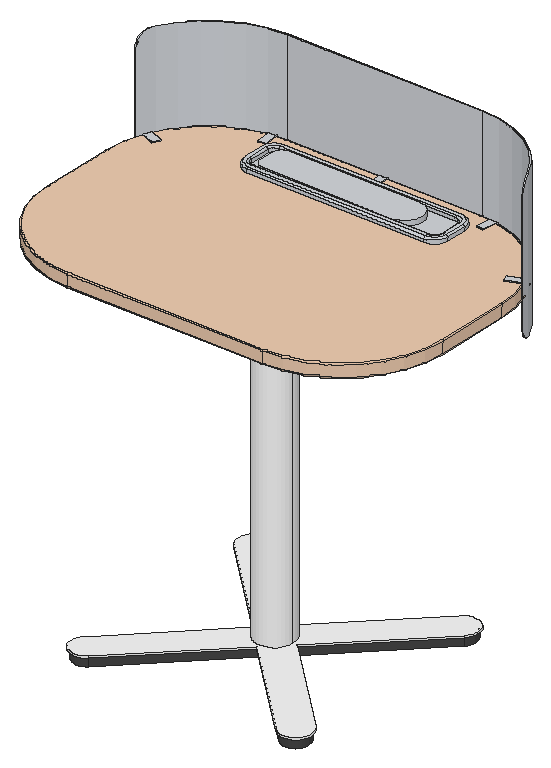
Revit family "DBLTD_TheSenatorGroup_OfficeTables_X&Y_US", category Furniture, Revit 2021
Family settings
  OmniClass Number = 23.40.20.00
  OmniClass Title = General Furniture and Specialties
  Work Plane-Based = No
  Always vertical = Yes
  Cut with Voids When Loaded = No
  Shared = Yes
  Room Calculation Point = No
Parameters (values of type "Soft Rectangle with Battery Docking Station")
  WorktopMaterial = DBLTD_TheSenatorGroup_Wood_Oak
  WorksurfaceArea = NominalWidth * NominalDepth  # 0.390161 m²
  WithScreen (04 & 04A only) [instance] = yes
  WarrantyStartDate [instance] = " "
  WarrantyGuarantorParts = "https://www.thesenatorgroup.com/"
  WarrantyGuarantorLabor = "https://www.thesenatorgroup.com/"
  WarrantyDurationUnit = "years"
  WarrantyDurationParts = "5"
  WarrantyDurationLabor = "5"
  WarrantyDescription = "The Senator Group warrants that its manufactured products are free from manufacturing defects - in materials or workmanship - for a period of five (5) years.\r\nAllermuir will repair, or replace (at Allermuir’s sole discretion) with comparable free of charge materials/ components, any product/ component which fails under normal use in a single shift environment, as a result of a defect in the materials and/or workmanship.\r\n\r\nExceptions -\r\nNon-standard product - 2 years\r\nScreen-mounted Accessories/ Dry-wipe Boards - 2 years\r\nElectrical and/or electronic componentry - 2 years\r\n\r\nExclusions - Allermuir does not warrant:\r\nFailure due to normal “Wear and Tear”.\r\nNatural variations in appearance of wood - its grain, figure and colour.\r\nChanges in surface appearance resulting from exposure to light, and the natural ageing process of wood.\r\nChanges in surface appearance resulting from the misuse of cleaning materials and methods/ damage form sharp objects/ imprinting from writing implements.\r\nNatural variations in Leather - its marks, scars and wrinkles.\r\nProduct stored/ exposed to extreme operational conditions.\r\nConsumable components such as Fuses/ Lights/ lamps/ transformers/etc.\r\nOther Manufacturer’s product supplied by Allermuir (their own warranty shall apply where possible).\r\nNon-standard fabrics/ finishes or veneers used. Allermuir only checks the manufacturing quality of Customer’s\r\nOwn Material (COM) and provides no warranty for the finish/ fabric itself.\r\nProduct which has not been installed/ moved/ reconfigured by Allermuir approved personnel.\r\nAllermuir shall be under no liability whatsoever for any consequential damage, loss or other expenses whether arising out of contract, negligence or otherwise."
  Version = "1"
  Uniclass2015Version = "Products v1.15"
  Uniclass2015Title = "Office tables"
  Uniclass2015Code = "Pr_40_50_21_60"
  URL = "https://www.thesenatorgroup.com/"
  Type Comments = ModelReference  # "Soft Rectangle with Battery Docking Station"
  TagNumber [instance] = " "
  TableType = Nested_DBLTD_TheSenatorGroup_OfficeTables_X&Y_04A : Nested_DBLTD_TheSenatorGroup_OfficeTables_X&Y_04A
  SustainabilityPerformance = "n/a"
  Size = "27 - 46.75 x 29.50 x 20.50 \""
  Shape = "Rectangular"
  SerialNumber [instance] = " "
  ScreenMaterial [instance] = DBLTD_TheSenatorGroup_Plastic_White
  Revision = ""
  ReplacementCost = "n/a"
  ProductInformation = "https://www.senator.online/en-us/Ranges/x-y"
  NumberOfChairs = 0
  NominalWidth = 29.5"
  NominalHeight [instance] = 27"
  NominalDepth = 20.5"
  Name = "Table"
  ModelReference = "Soft Rectangle with Battery Docking Station"
  ModelNumber = "XY04A"
  Model = ModelNumber  # "XY04A"
  Material = "Frame: Easy lift frame finished in black or white powder coat. Top: 25mm MFC top with matching edge tape"
  ManufacturerURL = "https://www.thesenatorgroup.com/"
  ManufacturerName = "The Senator Group"
  Keynote = Category  # "Pr_40_50_21_60 Office tables"
  InstallationDate [instance] = " "
  Grade = "n/a"
  FrameMaterial [instance] = DBLTD_TheSenatorGroup_Metal_White
  Finish = "Frame; Black, White. Top; Variable"
  Features = "OH: 27 - 46.75 \", Docking cradle for battery"
  ExpectedLife = "5"
  DurationUnit = "years"
  Cost = 0
  Constituents = "Frame, Top"
  Color = "Frame; Black, White. Top; Variable"
  CodePerformance = "n/a"
  Category = "Pr_40_50_21_60 Office tables"
  Manufacturer = ManufacturerName  # "The Senator Group"
  Description = ModelReference  # "Soft Rectangle with Battery Docking Station"
  Default Elevation = 0"
  CableTrayMaterial [instance] = DBLTD_TheSenatorGroup_Plastic_Black
  BarCode [instance] = " "
  Author = "Diane Butterworth Ltd"
  AssetType = "Movable"
  AssetIdentifier [instance] = " "
  Assembly Code = "E2020200"
  AccessibilityPerformance = "n/a"
Types (5): name | WorksurfaceArea | WithScreen (04 & 04A only) | Type Comments | TableType | Size | NominalWidth | NominalHeight | NominalDepth | ModelReference | ModelNumber | Model | Features | Description
  Small Soft Rectangle | 0.193548 m² | no | "Small Soft Rectangle" | Nested_DBLTD_TheSenatorGroup_OfficeTables_X&Y_01 : Nested_DBLTD_TheSenatorGroup_OfficeTables_X&Y_01 | "21 - 31 x 15 x 20 \"" | 15" | 21" | 20" | "Small Soft Rectangle" | "XY01" | "XY01" | "OH: 21 - 31 \"" | "Small Soft Rectangle"
  Small Soft Square | 0.251653 m² | no | "Small Soft Square" | Nested_DBLTD_TheSenatorGroup_OfficeTables_X&Y_02 : Nested_DBLTD_TheSenatorGroup_OfficeTables_X&Y_02 | "21.5 - 31.25 x 19.75 x 19.75 \"" | 19.75" | 21.5" | 19.75" | "Small Soft Square" | "XY02" | "XY02" | "OH: 21.5 - 31.25 \"" | "Small Soft Square"
  Large Soft Rectangle | 0.602055 m² | no | "Large Soft Rectangle" | Nested_DBLTD_TheSenatorGroup_OfficeTables_X&Y_03 : Nested_DBLTD_TheSenatorGroup_OfficeTables_X&Y_03 | "27 - 46.75 x 47.25 x 19.75 \"" | 47.25" | 27" | 19.75" | "Large Soft Rectangle" | "XY03" | "XY03" | "OH: 27 - 46.75 \"" | "Large Soft Rectangle"
  Soft Rectangle | 0.390161 m² | yes | "Soft Rectangle" | Nested_DBLTD_TheSenatorGroup_OfficeTables_X&Y_04 : Nested_DBLTD_TheSenatorGroup_OfficeTables_X&Y_04 | "27 - 46.75 x 29.50 x 20.50 \"" | 29.5" | 27" | 20.5" | "Soft Rectangle" | "XY04" | "XY04" | "OH: 27 - 46.75 \"" | "Soft Rectangle"
  Soft Rectangle with Battery Docking Station | 0.390161 m² | yes | "Soft Rectangle with Battery Docking Station" | Nested_DBLTD_TheSenatorGroup_OfficeTables_X&Y_04A : Nested_DBLTD_TheSenatorGroup_OfficeTables_X&Y_04A | "27 - 46.75 x 29.50 x 20.50 \"" | 29.5" | 27" | 20.5" | "Soft Rectangle with Battery Docking Station" | "XY04A" | "XY04A" | "OH: 27 - 46.75 \", Docking cradle for battery" | "Soft Rectangle with Battery Docking Station"
Reference planes (in)
  plane 1 "Center (Front/Back)": y = 0
  plane 2: z = 0
  plane 3 "Center (Left/Right)": x = 0
  plane 4: z = 27
  plane 5: z = 26.01575
Dimensions and locks (in)
  "NominalHeight": plane 4 to level
  plane 4 to plane 5 = 0.98425"
  aligned and locked: level to plane 2
Nested families (in)
  nested 1: "Nested_DBLTD_TheSenatorGroup_OfficeTables_X&Y_04A" at (0, 0, 0), type <- "TableType", OveralHeight <- "NominalHeight", FrameMaterial <- "FrameMaterial", WorktopMaterial <- "WorktopMaterial", type "Nested_DBLTD_TheSenatorGroup_OfficeTables_X&Y_04A"
    with WorktopMaterial DBLTD_TheSenatorGroup_Wood_Oak, WithScreen yes, ScreenMaterial none, OveralHeight 27", FrameMaterial DBLTD_TheSenatorGroup_Metal_White, CableTrayMaterial none
Definition of nested family "Nested_DBLTD_TheSenatorGroup_OfficeTables_X&Y_04A"
  Parameters (values of type "Nested_DBLTD_TheSenatorGroup_OfficeTables_X&Y_04A")
    WorktopMaterial [instance] = none
    WithScreen [instance] = yes
    ScreenMaterial [instance] = none
    OveralHeight [instance] = 26.9685"
    FrameMaterial [instance] = none
    Default Elevation = 0"
    CableTrayMaterial [instance] = none
  Reference planes (in)
    plane 1 "Center (Front/Back)": y = 0
    plane 2: z = 0
    plane 3 "Center (Left/Right)": x = 0
    plane 4: z = 26.9685
    plane 5: z = 25.98224
    plane 6: z = 25.98224
    plane 7: z = 25.29527
    plane 8: x = -14.75402
    plane 9: x = 14.77354
    plane 10: y = -10.23622
    plane 11: y = 10.23622
    plane 12: z = 33.95884
    plane 13: z = 23.13016
  Forms (in)
    Extrusion 1, solid, material <- "WorktopMaterial"
      sketch origin (0, 0, 0) x (1, 0, 0) y (0, 1, 0)
        loop
          arc (-7.27371, 10.23622) -> (-12.56309, 8.04529) -> (-14.75402, 2.75591) r 7.48031
          line (-14.75402, 2.75591) -> (-14.75402, -2.7559)
          arc (-14.75402, -2.7559) -> (-12.56309, -8.04529) -> (-7.27371, -10.23622) r 7.48031
          line (-7.27371, -10.23622) -> (7.29322, -10.23622)
          arc (7.29322, -10.23622) -> (12.58261, -8.04529) -> (14.77354, -2.7559) r 7.48031
          line (14.77354, -2.7559) -> (14.77354, 2.75591)
          arc (14.77354, 2.75591) -> (12.58261, 8.04529) -> (7.29322, 10.23622) r 7.48031
          line (7.29322, 10.23622) -> (-7.27371, 10.23622)
      from 25.98224 to 26.9685
    Sweep 2, void
      path in 3D
        loop
          arc (-14.75402, -2.7559, 26.9685) -> (-12.56309, -8.04529, 26.9685) -> (-7.27371, -10.23622, 26.9685) r 7.48031
          line (-7.27371, -10.23622, 26.9685) -> (7.29322, -10.23622, 26.9685)
          arc (7.29322, -10.23622, 26.9685) -> (12.58261, -8.04529, 26.9685) -> (14.77354, -2.7559, 26.9685) r 7.48031
          line (14.77354, -2.7559, 26.9685) -> (14.77354, 2.75591, 26.9685)
          arc (14.77354, 2.75591, 26.9685) -> (12.58261, 8.04529, 26.9685) -> (7.29322, 10.23622, 26.9685) r 7.48031
          line (7.29322, 10.23622, 26.9685) -> (-7.27371, 10.23622, 26.9685)
          arc (-7.27371, 10.23622, 26.9685) -> (-12.56309, 8.04529, 26.9685) -> (-14.75402, 2.75591, 26.9685) r 7.48031
          line (-14.75402, 2.75591, 26.9685) -> (-14.75402, -2.7559, 26.9685)
      profile origin (-14.75402, 0, 26.9685) x (1, 0, 0) y (0, 0, 1)
        loop
          line (0, 0) -> (0, -0.07931)
          arc (0, -0.07931) -> (0.02323, -0.02323) -> (0.07931, 0) r 0.07931
          line (0.07931, 0) -> (0, 0)
        loop
          line (0, -0.98626) -> (0.07931, -0.98626)
          arc (0.07931, -0.98626) -> (0.02323, -0.96304) -> (0, -0.90696) r 0.07931
          line (0, -0.90696) -> (0, -0.98626)
    Extrusion 3, solid, material <- "FrameMaterial"
      sketch origin (0, 0, 0) x (1, 0, 0) y (0, 1, 0)
        loop
          circle (0, 0) r 1.37795
      from 0.80709 to 25.29527
    Extrusion 4, solid, material <- "FrameMaterial"
      sketch origin (0, 0, 0) x (0.707107, 0.707107, 0) y (-0.707107, 0.707107, 0)
        loop
          line (-1.1811, 11.01405) -> (-1.1811, 1.1811) -> (-11.01578, 1.1811)
          arc (-11.01578, 1.1811) -> (-12.19688, 0) -> (-11.01578, -1.1811) r 1.1811
          line (-11.01578, -1.1811) -> (-1.1811, -1.1811) -> (-1.1811, -11.01578)
          arc (-1.1811, -11.01578) -> (0, -12.19688) -> (1.1811, -11.01578) r 1.1811
          line (1.1811, -11.01578) -> (1.1811, -1.1811) -> (11.01578, -1.1811)
          arc (11.01578, -1.1811) -> (12.19688, 0) -> (11.01578, 1.1811) r 1.1811
          line (11.01578, 1.1811) -> (1.1811, 1.1811) -> (1.1811, 11.01405)
          arc (1.1811, 11.01405) -> (0, 12.19515) -> (-1.1811, 11.01405) r 1.1811
      from 0.80709 to 0.68898
    Extrusion 5, solid
      sketch origin (0, 0, 0) x (0.707107, 0.707107, 0) y (-0.707107, 0.707107, 0)
        loop
          line (-0.98425, 11.01405) -> (-0.98425, 0.98425) -> (-11.01578, 0.98425)
          arc (-11.01578, 0.98425) -> (-12.00003, 0) -> (-11.01578, -0.98425) r 0.98425
          line (-11.01578, -0.98425) -> (-0.98425, -0.98425) -> (-0.98425, -11.01578)
          arc (-0.98425, -11.01578) -> (0, -12.00003) -> (0.98425, -11.01578) r 0.98425
          line (0.98425, -11.01578) -> (0.98425, -0.98425) -> (11.01578, -0.98425)
          arc (11.01578, -0.98425) -> (12.00003, 0) -> (11.01578, 0.98425) r 0.98425
          line (11.01578, 0.98425) -> (0.98425, 0.98425) -> (0.98425, 11.01405)
          arc (0.98425, 11.01405) -> (0, 11.9983) -> (-0.98425, 11.01405) r 0.98425
      from 0 to 0.68898
    Extrusion 6, solid, material <- "FrameMaterial"
      sketch origin (0, 0, 0) x (1, 0, 0) y (0, 1, 0)
        loop
          line (-3.74016, 3.74016) -> (-3.74016, -3.74016) -> (3.74016, -3.74016) -> (3.74016, 3.74016) -> (-3.74016, 3.74016)
      from 25.78539 to 25.98224
    Extrusion 7, solid, material <- "FrameMaterial"
      sketch origin (0, 0, 0) x (1, 0, 0) y (0, 1, 0)
        loop
          circle (0, 0) r 1.1811
      from 25.78539 to 25.29527
    Extrusion 8, solid
      sketch origin (0, 0, -3.09256) x (1, 0, 0) y (0, 0, 1)
        loop
          line (9.84252, 29.0748) -> (9.84252, 28.18806) -> (10.70964, 28.18806) -> (10.97482, 28.03496) -> (11.90865, 28.51077) -> (13.10287, 27.92831) -> (13.1752, 28.07661) -> (11.1286, 29.0748) -> (9.84252, 29.0748)
      from -1.1811 to 1.1811
    Extrusion 9, solid, not visible
      sketch origin (0, 0, 0) x (1, 0, 0) y (0, 0, 1)
        loop
          line (9.84252, 29.0748) -> (9.84252, 28.18806) -> (10.70964, 28.18806) -> (10.97482, 28.03496) -> (11.90865, 28.51077) -> (13.10287, 27.92831) -> (13.1752, 28.07661) -> (11.1286, 29.0748) -> (9.84252, 29.0748)
      from -1.1811 to 1.1811
    Extrusion 10, solid, material <- "CableTrayMaterial"
      sketch origin (0, 0, 0) x (1, 0, 0) y (0, 1, 0)
        loop
          arc (-5.78679, 8.7063) -> (-6.34357, 8.47568) -> (-6.57419, 7.9189) r 0.7874
          line (-6.57419, 7.9189) -> (-6.57419, 6.97402)
          arc (-6.57419, 6.97402) -> (-6.34357, 6.41724) -> (-5.78679, 6.18661) r 0.7874
          line (-5.78679, 6.18661) -> (3.78657, 6.18661)
          arc (3.78657, 6.18661) -> (5.04641, 7.44646) -> (3.78657, 8.7063) r 1.25984
          line (3.78657, 8.7063) -> (-5.78679, 8.7063)
      from 23.16953 to 27.33152
    Sweep 11, solid, material <- "CableTrayMaterial"
      path origin (0, 0, 0) x (1, 0, 0) y (0, 1, 0)
        loop
          line (-6.61417, 5.67482) -> (6.61417, 5.67482)
          arc (6.61417, 5.67482) -> (7.31014, 5.9631) -> (7.59843, 6.65907) r 0.98425
          line (7.59843, 6.65907) -> (7.59843, 8.23387)
          arc (7.59843, 8.23387) -> (7.31014, 8.92985) -> (6.61417, 9.21813) r 0.98425
          line (6.61417, 9.21813) -> (-6.61417, 9.21813)
          arc (-6.61417, 9.21813) -> (-7.31014, 8.92985) -> (-7.59843, 8.23387) r 0.98425
          line (-7.59843, 8.23387) -> (-7.59843, 6.65907)
          arc (-7.59843, 6.65907) -> (-7.31014, 5.9631) -> (-6.61417, 5.67482) r 0.98425
      profile origin (0, 5.67482, 0) x (0, 1, 0) y (0, 0, 1)
        loop
          line (0.48563, 26.9685) -> (0.48563, 27.2147)
          arc (0.48563, 27.2147) -> (0.45396, 27.29116) -> (0.37749, 27.32283) r 0.10814
          line (0.37749, 27.32283) -> (0.11787, 27.32283) -> (0, 27.20497) -> (0, 26.9685) -> (0.48563, 26.9685)
    Sweep 12, solid, material <- "CableTrayMaterial", not visible
      path origin (0, 0, -16.59248) x (1, 0, 0) y (0, 1, 0)
        loop
          line (-6.61417, 5.67482) -> (6.61417, 5.67482)
          arc (6.61417, 5.67482) -> (7.31014, 5.9631) -> (7.59843, 6.65907) r 0.98425
          line (7.59843, 6.65907) -> (7.59843, 8.23387)
          arc (7.59843, 8.23387) -> (7.31014, 8.92985) -> (6.61417, 9.21813) r 0.98425
          line (6.61417, 9.21813) -> (-6.61417, 9.21813)
          arc (-6.61417, 9.21813) -> (-7.31014, 8.92985) -> (-7.59843, 8.23387) r 0.98425
          line (-7.59843, 8.23387) -> (-7.59843, 6.65907)
          arc (-7.59843, 6.65907) -> (-7.31014, 5.9631) -> (-6.61417, 5.67482) r 0.98425
      profile origin (0, 5.67482, -16.59248) x (0, 1, 0) y (0, 0, 1)
        loop
          line (0.48563, 46.65354) -> (0.48563, 46.89974)
          arc (0.48563, 46.89974) -> (0.45396, 46.9762) -> (0.37749, 47.00787) r 0.10814
          line (0.37749, 47.00787) -> (0.11787, 47.00787) -> (0, 46.89001) -> (0, 46.65354) -> (0.48563, 46.65354)
    Extrusion 13, solid, material <- "CableTrayMaterial"
      sketch origin (0, 0, 0) x (1, 0, 0) y (0, 1, 0)
        loop
          line (-7.1128, 8.23387) -> (-7.1128, 6.65907)
          arc (-7.1128, 6.65907) -> (-6.96675, 6.30649) -> (-6.61417, 6.16045) r 0.49862
          line (-6.61417, 6.16045) -> (6.61417, 6.16045)
          arc (6.61417, 6.16045) -> (6.96675, 6.30649) -> (7.1128, 6.65907) r 0.49862
          line (7.1128, 6.65907) -> (7.1128, 8.23387)
          arc (7.1128, 8.23387) -> (6.96675, 8.58645) -> (6.61417, 8.7325) r 0.49862
          line (6.61417, 8.7325) -> (-6.61417, 8.7325)
          arc (-6.61417, 8.7325) -> (-6.96675, 8.58645) -> (-7.1128, 8.23387) r 0.49862
      from 26.9685 to 27.0098
    Extrusion 14, solid, material <- "ScreenMaterial", visible <- "WithScreen"
      sketch origin (0, 0, 0) x (1, 0, 0) y (0, 1, 0)
        loop
          line (-7.27371, 10.23622) -> (7.29322, 10.23622)
          arc (7.29322, 10.23622) -> (11.84551, 8.69154) -> (14.51771, 4.69545) r 7.48031
          line (14.51771, 4.69545) -> (14.59198, 4.72248)
          arc (14.59198, 4.72248) -> (11.89071, 8.75611) -> (7.29322, 10.31496) r 7.55906
          line (7.29322, 10.31496) -> (-7.27371, 10.31496)
          arc (-7.27371, 10.31496) -> (-11.87385, 8.75407) -> (-14.5742, 4.71601) r 7.55906
          line (-14.5742, 4.71601) -> (-14.49993, 4.68898)
          arc (-14.49993, 4.68898) -> (-11.82865, 8.6895) -> (-7.27371, 10.23622) r 7.48031
      from 23.13016 to 33.95884
    Extrusion 15, void
      sketch origin (0, 0, 0) x (0, 1, 0) y (0, 0, 1)
        loop
          line (4.33071, 34.35254) -> (4.33071, 22.73646) -> (6.21483, 22.73646) -> (6.21483, 23.12032)
          arc (6.21483, 23.12032) -> (5.37967, 23.46626) -> (5.03373, 24.30142) r 1.1811
          line (5.03373, 24.30142) -> (5.03373, 32.78758)
          arc (5.03373, 32.78758) -> (5.37967, 33.62275) -> (6.21483, 33.96869) r 1.1811
          line (6.21483, 33.96869) -> (6.21483, 34.35254) -> (4.33071, 34.35254)
      from -14.75402 to 14.77354
    Extrusion 16, solid, material <- "CableTrayMaterial", visible <- "WithScreen"
      sketch origin (0, 0, 0) x (0, 1, 0) y (0, 0, 1)
        loop
          line (10.23622, 25.98224) -> (10.23622, 27.00787) -> (9.05512, 27.00787) -> (9.05512, 26.9685) -> (10.19685, 26.9685) -> (10.19685, 25.98224) -> (10.23622, 25.98224)
      from -0.28936 to 0.27399
    Extrusion 17, solid, material <- "CableTrayMaterial", visible <- "WithScreen"
      sketch origin (-6.84759, 0.02294, 0) x (-0.139173, 0.990268, 0) y (0, 0, 1)
        loop
          line (10.23622, 25.98224) -> (10.23622, 27.00787) -> (9.05512, 27.00787) -> (9.05512, 26.9685) -> (10.19685, 26.9685) -> (10.19685, 25.98224) -> (10.23622, 25.98224)
      from -0.28936 to 0.27399
    Extrusion 18, solid, material <- "CableTrayMaterial", visible <- "WithScreen"
      sketch origin (6.84759, 0.02294, 0) x (0.139173, 0.990268, 0) y (0, 0, -1)
        loop
          line (10.23622, -25.98224) -> (10.19685, -25.98224) -> (10.19685, -26.9685) -> (9.05512, -26.9685) -> (9.05512, -27.00787) -> (10.23622, -27.00787) -> (10.23622, -25.98224)
      from -0.28936 to 0.27399
    Extrusion 19, solid, material <- "CableTrayMaterial", visible <- "WithScreen"
      sketch origin (-4.65089, 1.85494, 0) x (-0.927184, 0.374607, 0) y (0, 0, 1)
        loop
          line (10.23622, 25.98224) -> (10.23622, 27.00787) -> (9.05512, 27.00787) -> (9.05512, 26.9685) -> (10.19685, 26.9685) -> (10.19685, 25.98224) -> (10.23622, 25.98224)
      from -0.28936 to 0.27399
    Extrusion 20, solid, material <- "CableTrayMaterial", visible <- "WithScreen"
      sketch origin (4.65089, 1.85494, 0) x (0.927184, 0.374607, 0) y (0, 0, -1)
        loop
          line (10.23622, -25.98224) -> (10.19685, -25.98224) -> (10.19685, -26.9685) -> (9.05512, -26.9685) -> (9.05512, -27.00787) -> (10.23622, -27.00787) -> (10.23622, -25.98224)
      from -0.28936 to 0.27399
  Cuts and joins
    Sweep 2 cuts Extrusion 1
    Extrusion 15 cuts Extrusion 14
  Lines and regions (in)
    sketch lines
      curve 1: line (-14.75402, 2.75591, 26.9685) -> (-14.75402, -2.7559, 26.9685)
      curve 2: arc (-14.75402, 2.75591, 26.9685) -> (-12.56309, 8.04529, 26.9685) -> (-7.27371, 10.23622, 26.9685) r 7.48031
      curve 3: line (7.29322, 10.23622, 26.9685) -> (-7.27371, 10.23622, 26.9685)
      curve 4: arc (7.29322, 10.23622, 26.9685) -> (12.58261, 8.04529, 26.9685) -> (14.77354, 2.75591, 26.9685) r 7.48031
      curve 5: line (14.77354, -2.7559, 26.9685) -> (14.77354, 2.75591, 26.9685)
      curve 6: arc (14.77354, -2.7559, 26.9685) -> (12.58261, -8.04529, 26.9685) -> (7.29322, -10.23622, 26.9685) r 7.48031
      curve 7: line (-7.27371, -10.23622, 26.9685) -> (7.29322, -10.23622, 26.9685)
      curve 8: arc (-7.27371, -10.23622, 26.9685) -> (-12.56309, -8.04529, 26.9685) -> (-14.75402, -2.7559, 26.9685) r 7.48031
  Dimensions and locks (in)
    locked: plane 4 to plane 5 at 0.98626
    locked: plane 7 to level at 25.29527
    "OveralHeight": plane 4 to level
    locked: plane 5 to plane 6
    locked: plane 6 to Extrusion 6 at 0.19685
    locked: Extrusion 10 to plane 4 at 0.36302
    locked: plane 4 to Extrusion 10 at 3.79897
    locked: Extrusion 13 to plane 4 at 0.0413
    plane 12 to plane 13 = 10.82868"
    locked: plane 12 to plane 4 at 6.99034
    aligned and locked: level to plane 2
    aligned and locked: plane 4 to Extrusion 1
    aligned and locked: Extrusion 1 to plane 5
    aligned and locked: plane 7 to Extrusion 3
    aligned and locked: plane 6 to Extrusion 6
    aligned and locked: Extrusion 7 to plane 7
    aligned and locked: Extrusion 7 to Extrusion 6
    aligned and locked: plane 6 to Extrusion 8
    aligned and locked: Sweep 11 to plane 4
    aligned and locked: Extrusion 13 to plane 4
    aligned and locked: Extrusion 1 to Extrusion 15
    aligned and locked: Extrusion 15 to Extrusion 1
    aligned and locked: plane 12 to Extrusion 14
    aligned and locked: cut or joined group of Extrusion 14, Extrusion 15 to plane 13
    aligned and locked: Extrusion 17 to plane 5
    aligned and locked: Extrusion 16 to plane 5
    aligned and locked: Extrusion 18 to plane 6
    aligned and locked: Extrusion 19 to plane 6
    aligned and locked: Extrusion 20 to plane 6
  Automatic sketch dimensions
    Extrusion 8 sketch curve to Extrusion 8 sketch curve = 0.86712"
    Extrusion 8 sketch curve to Extrusion 8 sketch curve = 0.26518"
    Extrusion 8 sketch curve to Extrusion 8 sketch curve = 0.93383"
    Extrusion 8 sketch curve to Extrusion 8 sketch curve = 1.19423"
    Extrusion 8 sketch curve to Extrusion 8 sketch curve = 0.07233"
    Extrusion 8 sketch curve to Extrusion 8 sketch curve = 0.78005"
    Extrusion 8 sketch curve to Extrusion 8 sketch curve = 0.10666"
    Extrusion 8 sketch curve to Extrusion 8 sketch curve = 0.1483"
    Extrusion 8 sketch curve to Extrusion 8 sketch curve = 0.88674"
    Extrusion 9 sketch curve to Extrusion 9 sketch curve = 0.86712"
    Extrusion 9 sketch curve to Extrusion 9 sketch curve = 0.26518"
    Extrusion 9 sketch curve to Extrusion 9 sketch curve = 0.93383"
    Extrusion 9 sketch curve to Extrusion 9 sketch curve = 1.19423"
    Extrusion 9 sketch curve to Extrusion 9 sketch curve = 0.07233"
    Extrusion 9 sketch curve to Extrusion 9 sketch curve = 0.78005"
    Extrusion 9 sketch curve to Extrusion 9 sketch curve = 0.10666"
    Extrusion 9 sketch curve to Extrusion 9 sketch curve = 0.1483"
    Extrusion 9 sketch curve to Extrusion 9 sketch curve = 0.88674"
    Sweep 11 sketch curve to Sweep 11 sketch curve = 0.98425"  (x3)
    Sweep 11 sketch curve to Sweep 11 sketch curve = 0"
    Sweep 11 sketch curve to Sweep 11 sketch curve = 1.5748"
    Sweep 11 sketch curve to profile plane = 0"
    Sweep 11 sketch curve to profile plane = 0.11787"
    Sweep 11 sketch curve to Sweep 11 sketch curve = 0.25962"
    Sweep 11 sketch curve to Sweep 11 sketch curve = 0.10814"
    Sweep 11 sketch curve to Sweep 11 sketch curve = 0.23646"
    Sweep 11 sketch curve to Sweep 11 sketch curve = 0.24619"
    Sweep 11 sketch curve to Sweep 11 sketch curve = 13.22835"
    profile plane to Sweep 11 sketch curve = 26.9685"
    Sweep 12 sketch curve to Sweep 12 sketch curve = 0.98425"  (x3)
    Sweep 12 sketch curve to Sweep 12 sketch curve = 0"
    Sweep 12 sketch curve to Sweep 12 sketch curve = 1.5748"
    Sweep 12 sketch curve to profile plane = 0"
    Sweep 12 sketch curve to profile plane = 0.11787"
    Sweep 12 sketch curve to Sweep 12 sketch curve = 0.25962"
    Sweep 12 sketch curve to Sweep 12 sketch curve = 0.10814"
    Sweep 12 sketch curve to Sweep 12 sketch curve = 0.23646"
    Sweep 12 sketch curve to Sweep 12 sketch curve = 0.24619"
    Sweep 12 sketch curve to Sweep 12 sketch curve = 13.22835"
    profile plane to Sweep 12 sketch curve = 46.65354"
    Extrusion 1 sketch curve to plane 8 = 0"
    Extrusion 1 sketch curve to plane 11 = 0"
    Extrusion 1 sketch curve to plane 10 = 0"
    Extrusion 1 sketch curve to plane 9 = 0"
    Extrusion 1 sketch curve to plane 3 "Center (Left/Right)" = 7.27371"
    Extrusion 1 sketch curve to plane 1 "Center (Front/Back)" = 2.75591"  (x2)
    plane 3 "Center (Left/Right)" to Extrusion 1 sketch curve = 7.29322"
    profile plane to Sweep 2 sketch curve = 0"  (x2)
    Sweep 2 sketch curve to profile plane = 0"
    Sweep 2 sketch curve to profile plane = 0.07931"  (x2)
    Sweep 2 sketch curve to Sweep 2 sketch curve = 0.82765"
    plane 1 "Center (Front/Back)" to Extrusion 3 sketch curve = 0"
    Extrusion 3 sketch curve to plane 3 "Center (Left/Right)" = 0"
    Extrusion 4 sketch curve to plane 3 "Center (Left/Right)" = 0"  (x2)
    plane 1 "Center (Front/Back)" to Extrusion 4 sketch curve = 0"  (x2)
    plane 10 to Extrusion 4 sketch curve = 3.28205"
    plane 8 to Extrusion 4 sketch curve = 6.12952"
    Extrusion 4 sketch curve to Extrusion 4 sketch curve = 0"
    Extrusion 4 sketch curve to Extrusion 4 sketch curve = 1.1811"  (x2)
    Extrusion 4 sketch curve to Extrusion 4 sketch curve = 9.83467"  (x2)
    Extrusion 4 sketch curve to Extrusion 4 sketch curve = 9.83294"
    Extrusion 5 sketch curve to plane 3 "Center (Left/Right)" = 0"  (x2)
    plane 1 "Center (Front/Back)" to Extrusion 5 sketch curve = 0"  (x2)
    plane 10 to Extrusion 5 sketch curve = 3.14286"
    plane 8 to Extrusion 5 sketch curve = 6.26872"
    Extrusion 5 sketch curve to Extrusion 5 sketch curve = 0"
    Extrusion 5 sketch curve to Extrusion 5 sketch curve = 0.98425"  (x2)
    Extrusion 5 sketch curve to Extrusion 5 sketch curve = 10.03152"  (x2)
    Extrusion 5 sketch curve to Extrusion 5 sketch curve = 10.02979"
    Extrusion 6 sketch curve to plane 3 "Center (Left/Right)" = 3.74016"
    plane 3 "Center (Left/Right)" to Extrusion 6 sketch curve = 3.74016"
    plane 1 "Center (Front/Back)" to Extrusion 6 sketch curve = 3.74016"
    Extrusion 6 sketch curve to plane 1 "Center (Front/Back)" = 3.74016"
    plane 1 "Center (Front/Back)" to Extrusion 7 sketch curve = 0"
    Extrusion 7 sketch curve to plane 3 "Center (Left/Right)" = 0"
    Extrusion 10 sketch curve to plane 11 = 3.2622"
    Extrusion 10 sketch curve to plane 3 "Center (Left/Right)" = 6.57419"
    Extrusion 10 sketch curve to Extrusion 10 sketch curve = 0.7874"  (x2)
    Extrusion 10 sketch curve to plane 11 = 1.52992"
    plane 3 "Center (Left/Right)" to Extrusion 10 sketch curve = 3.78657"
    Extrusion 13 sketch curve to plane 11 = 2.00235"
    Extrusion 13 sketch curve to plane 3 "Center (Left/Right)" = 7.1128"
    Extrusion 13 sketch curve to Extrusion 13 sketch curve = 0.49862"  (x3)
    plane 3 "Center (Left/Right)" to Extrusion 13 sketch curve = 6.61417"
    Extrusion 13 sketch curve to Extrusion 13 sketch curve = 0"
    Extrusion 13 sketch curve to Extrusion 13 sketch curve = 1.5748"
    Extrusion 14 sketch curve to Extrusion 14 sketch curve = 0"  (x4)
    Extrusion 14 sketch curve to plane 11 = 0"
    plane 8 to Extrusion 14 sketch curve = 0.17982"
    Extrusion 14 sketch curve to Extrusion 14 sketch curve = 0.07427"  (x2)
    Extrusion 14 sketch curve to plane 1 "Center (Front/Back)" = 2.75591"  (x2)
    Extrusion 14 sketch curve to plane 3 "Center (Left/Right)" = 7.27371"
    plane 3 "Center (Left/Right)" to Extrusion 14 sketch curve = 7.29322"
    Extrusion 14 sketch curve to plane 9 = 0.25582"
    Extrusion 14 sketch curve to Extrusion 14 sketch curve = 0.02703"
    plane 12 to Extrusion 15 sketch curve = 0.3937"
    Extrusion 15 sketch curve to plane 1 "Center (Front/Back)" = 4.33071"
    Extrusion 15 sketch curve to Extrusion 15 sketch curve = 0.70302"
    Extrusion 15 sketch curve to Extrusion 15 sketch curve = 1.88413"  (x2)
    Extrusion 15 sketch curve to plane 13 = 0.3937"
    Extrusion 15 sketch curve to plane 13 = 0.00984"
    Extrusion 15 sketch curve to plane 12 = 1.17126"
    Extrusion 16 sketch curve to plane 4 = 0"
    Extrusion 16 sketch curve to plane 11 = 0"
    Extrusion 16 sketch curve to plane 11 = 0.03937"
    plane 4 to Extrusion 16 sketch curve = 0.03937"
    Extrusion 16 sketch curve to Extrusion 16 sketch curve = 1.14173"
    plane 7 to Extrusion 16 sketch curve = 0.68697"
    plane 4 to Extrusion 17 sketch curve = 0"
    plane 7 to Extrusion 17 sketch curve = 0.68697"
    Extrusion 17 sketch curve to Extrusion 17 sketch curve = 1.14173"
    Extrusion 17 sketch curve to Extrusion 17 sketch curve = 0.03937"
    plane 4 to Extrusion 17 sketch curve = 0.03937"
    plane 4 to Extrusion 18 sketch curve = 0"
    plane 7 to Extrusion 18 sketch curve = 0.68697"
    Extrusion 18 sketch curve to Extrusion 18 sketch curve = 1.14173"
    Extrusion 18 sketch curve to Extrusion 18 sketch curve = 0.03937"
    plane 4 to Extrusion 18 sketch curve = 0.03937"
    plane 4 to Extrusion 19 sketch curve = 0"
    plane 7 to Extrusion 19 sketch curve = 0.68697"
    Extrusion 19 sketch curve to Extrusion 19 sketch curve = 1.14173"
    Extrusion 19 sketch curve to Extrusion 19 sketch curve = 0.03937"
    plane 4 to Extrusion 19 sketch curve = 0.03937"
    plane 4 to Extrusion 20 sketch curve = 0"
    plane 7 to Extrusion 20 sketch curve = 0.68697"
    Extrusion 20 sketch curve to Extrusion 20 sketch curve = 1.14173"
    Extrusion 20 sketch curve to Extrusion 20 sketch curve = 0.03937"
    plane 4 to Extrusion 20 sketch curve = 0.03937"
    radius of Extrusion 3 sketch curve = 1.37795"
    radius of Extrusion 7 sketch curve = 1.1811"
